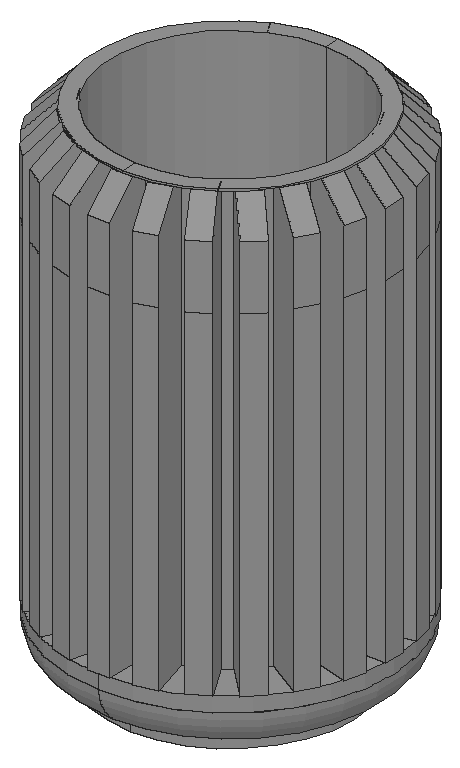
Revit family "Урна с бетонным основанием «Бульвар» Арт 9671", category Антураж, Revit 2018
Family settings
  На основе рабочей плоскости = Нет
  Всегда вертикально = Да
  При загрузке вырезать с полостями = Нет
  Источник визуального образа = Геометрия семейства
  Общий = Нет
  Точка расчета площади = Нет
Parameters (values of type "Урна с бетонным основанием «Бульвар». Объем 45 литров")
  Ширина = Диаметр  # 450 mm
  Цвет отделки = Дерево
  Цвет основания = Бетон
  Описание = "Урна с бетонным основанием «Бульвар». Объем 45 литров"  # constant formula
  Материал изделия = "Бетон, сталь, дерево"  # constant formula
  Изображение типоразмера = Урна с бетонным основанием «Бульвар» Арт 9671.jpg
  Изготовитель = "ООО «Хоббика»"  # constant formula
  Длина = Диаметр  # 450 mm
  Диаметр = 450 mm  # constant formula
  Группа модели = "Уличные урны"  # constant formula
  Высота = 695 mm  # constant formula
  Артикул товара = "Арт. 9671"  # constant formula
  URL = "https://hobbyka.ru/product/urna_s_betonnym_osnovaniem_bulvar/"
Reference planes
  plane 1 "По центру (Вперед/Назад)": y = 0
  plane 2: z = 0
  plane 3 "По центру (Влево/Вправо)": x = 0
  plane 4: y = 450
  plane 5: x = 450
  plane 6: x = 225
  plane 7: y = 225
  plane 8: z = 695
Forms (mm)
  Extrusion 1, solid, material "Дерево" <- "Цвет отделки"
    sketch origin (0, 0, 0) x (0, 1, 0) y (0, 0, 1)
      loop
        line (0, 95) -> (60, 95) -> (60, 693) -> (40, 693) -> (0, 653) -> (0, 565) -> (0, 95)
    from 210 to 240
  Revolve 2, solid, material "Бетон" <- "Цвет основания"
    sketch origin (225, 0, 0) x (0, 1, 0) y (0, 0, 1)
      loop
        line (225, 95) -> (0, 95) -> (0, 75)
        arc (0, 75) -> (16.109, 36.109) -> (55, 20) r 55
        line (55, 20) -> (55, 0) -> (225, 0) -> (225, 95)
      axis (225, 95) -> (225, 0)
    angle from 0 to 360
  Revolve 3, solid, material "Сталь"
    sketch origin (225, 0, 0) x (0, 1, 0) y (0, 0, 1)
      loop
        line (40, 693) -> (60, 693) -> (60, 95) -> (225, 95) -> (225, 97) -> (62, 97) -> (62, 695) -> (40, 695) -> (40, 693)
      axis (225, 695) -> (225, 95)
    angle from 0 to 360
  Extrusion 4, solid, material "Дерево" <- "Цвет отделки"
    sketch origin (65.901, -50.568, 0) x (-0.258819, 0.965926, 0) y (0, 0, 1)
      loop
        line (0, 95) -> (60, 95) -> (60, 693) -> (40, 693) -> (0, 653) -> (0, 565) -> (0, 95)
    from 210 to 240
  Extrusion 5, solid, material "Дерево" <- "Цвет отделки"
    sketch origin (142.644, -82.356, 0) x (-0.5, 0.866025, 0) y (0, 0, 1)
      loop
        line (0, 95) -> (60, 95) -> (60, 693) -> (40, 693) -> (0, 653) -> (0, 565) -> (0, 95)
    from 210 to 240
  Extrusion 6, solid, material "Дерево" <- "Цвет отделки"
    sketch origin (225, -93.198, 0) x (-0.707107, 0.707107, 0) y (0, 0, 1)
      loop
        line (0, 95) -> (60, 95) -> (60, 693) -> (40, 693) -> (0, 653) -> (0, 565) -> (0, 95)
    from 210 to 240
  Extrusion 7, solid, material "Дерево" <- "Цвет отделки"
    sketch origin (307.356, -82.356, 0) x (-0.866025, 0.5, 0) y (0, 0, 1)
      loop
        line (0, 95) -> (60, 95) -> (60, 693) -> (40, 693) -> (0, 653) -> (0, 565) -> (0, 95)
    from 210 to 240
  Extrusion 8, solid, material "Дерево" <- "Цвет отделки"
    sketch origin (384.099, -50.568, 0) x (-0.965926, 0.258819, 0) y (0, 0, 1)
      loop
        line (0, 95) -> (60, 95) -> (60, 693) -> (40, 693) -> (0, 653) -> (0, 565) -> (0, 95)
    from 210 to 240
  Extrusion 9, solid, material "Дерево" <- "Цвет отделки"
    sketch origin (450, 0, 0) x (-1, 0, 0) y (0, 0, 1)
      loop
        line (0, 95) -> (60, 95) -> (60, 693) -> (40, 693) -> (0, 653) -> (0, 565) -> (0, 95)
    from 210 to 240
  Extrusion 10, solid, material "Дерево" <- "Цвет отделки"
    sketch origin (384.099, -50.568, 0) x (0.258819, 0.965926, 0) y (0, 0, -1)
      loop
        line (0, -95) -> (0, -565) -> (0, -653) -> (40, -693) -> (60, -693) -> (60, -95) -> (0, -95)
    from 210 to 240
  Extrusion 11, solid, material "Дерево" <- "Цвет отделки"
    sketch origin (307.356, -82.356, 0) x (0.5, 0.866025, 0) y (0, 0, -1)
      loop
        line (0, -95) -> (0, -565) -> (0, -653) -> (40, -693) -> (60, -693) -> (60, -95) -> (0, -95)
    from 210 to 240
  Extrusion 12, solid, material "Дерево" <- "Цвет отделки"
    sketch origin (225, -93.198, 0) x (0.707107, 0.707107, 0) y (0, 0, -1)
      loop
        line (0, -95) -> (0, -565) -> (0, -653) -> (40, -693) -> (60, -693) -> (60, -95) -> (0, -95)
    from 210 to 240
  Extrusion 13, solid, material "Дерево" <- "Цвет отделки"
    sketch origin (142.644, -82.356, 0) x (0.866025, 0.5, 0) y (0, 0, -1)
      loop
        line (0, -95) -> (0, -565) -> (0, -653) -> (40, -693) -> (60, -693) -> (60, -95) -> (0, -95)
    from 210 to 240
  Extrusion 14, solid, material "Дерево" <- "Цвет отделки"
    sketch origin (65.901, -50.568, 0) x (0.965926, 0.258819, 0) y (0, 0, -1)
      loop
        line (0, -95) -> (0, -565) -> (0, -653) -> (40, -693) -> (60, -693) -> (60, -95) -> (0, -95)
    from 210 to 240
  Extrusion 15, solid, material "Дерево" <- "Цвет отделки"
    sketch origin (0, 0, 0) x (1, 0, 0) y (0, 0, -1)
      loop
        line (0, -95) -> (0, -565) -> (0, -653) -> (40, -693) -> (60, -693) -> (60, -95) -> (0, -95)
    from 210 to 240
  Extrusion 16, solid, material "Дерево" <- "Цвет отделки"
    sketch origin (0, 450, 0) x (0, -1, 0) y (0, 0, -1)
      loop
        line (0, -95) -> (0, -565) -> (0, -653) -> (40, -693) -> (60, -693) -> (60, -95) -> (0, -95)
    from 210 to 240
  Extrusion 17, solid, material "Дерево" <- "Цвет отделки"
    sketch origin (65.901, 500.568, 0) x (-0.258819, -0.965926, 0) y (0, 0, -1)
      loop
        line (0, -95) -> (0, -565) -> (0, -653) -> (40, -693) -> (60, -693) -> (60, -95) -> (0, -95)
    from 210 to 240
  Extrusion 18, solid, material "Дерево" <- "Цвет отделки"
    sketch origin (142.644, 532.356, 0) x (-0.5, -0.866025, 0) y (0, 0, -1)
      loop
        line (0, -95) -> (0, -565) -> (0, -653) -> (40, -693) -> (60, -693) -> (60, -95) -> (0, -95)
    from 210 to 240
  Extrusion 19, solid, material "Дерево" <- "Цвет отделки"
    sketch origin (225, 543.198, 0) x (-0.707107, -0.707107, 0) y (0, 0, -1)
      loop
        line (0, -95) -> (0, -565) -> (0, -653) -> (40, -693) -> (60, -693) -> (60, -95) -> (0, -95)
    from 210 to 240
  Extrusion 20, solid, material "Дерево" <- "Цвет отделки"
    sketch origin (307.356, 532.356, 0) x (-0.866025, -0.5, 0) y (0, 0, -1)
      loop
        line (0, -95) -> (0, -565) -> (0, -653) -> (40, -693) -> (60, -693) -> (60, -95) -> (0, -95)
    from 210 to 240
  Extrusion 21, solid, material "Дерево" <- "Цвет отделки"
    sketch origin (384.099, 500.568, 0) x (-0.965926, -0.258819, 0) y (0, 0, -1)
      loop
        line (0, -95) -> (0, -565) -> (0, -653) -> (40, -693) -> (60, -693) -> (60, -95) -> (0, -95)
    from 210 to 240
  Extrusion 22, solid, material "Дерево" <- "Цвет отделки"
    sketch origin (384.099, 500.568, 0) x (0.258819, -0.965926, 0) y (0, 0, 1)
      loop
        line (0, 95) -> (60, 95) -> (60, 693) -> (40, 693) -> (0, 653) -> (0, 565) -> (0, 95)
    from 210 to 240
  Extrusion 23, solid, material "Дерево" <- "Цвет отделки"
    sketch origin (307.356, 532.356, 0) x (0.5, -0.866025, 0) y (0, 0, 1)
      loop
        line (0, 95) -> (60, 95) -> (60, 693) -> (40, 693) -> (0, 653) -> (0, 565) -> (0, 95)
    from 210 to 240
  Extrusion 24, solid, material "Дерево" <- "Цвет отделки"
    sketch origin (225, 543.198, 0) x (0.707107, -0.707107, 0) y (0, 0, 1)
      loop
        line (0, 95) -> (60, 95) -> (60, 693) -> (40, 693) -> (0, 653) -> (0, 565) -> (0, 95)
    from 210 to 240
  Extrusion 25, solid, material "Дерево" <- "Цвет отделки"
    sketch origin (142.644, 532.356, 0) x (0.866025, -0.5, 0) y (0, 0, 1)
      loop
        line (0, 95) -> (60, 95) -> (60, 693) -> (40, 693) -> (0, 653) -> (0, 565) -> (0, 95)
    from 210 to 240
  Extrusion 26, solid, material "Дерево" <- "Цвет отделки"
    sketch origin (65.901, 500.568, 0) x (0.965926, -0.258819, 0) y (0, 0, 1)
      loop
        line (0, 95) -> (60, 95) -> (60, 693) -> (40, 693) -> (0, 653) -> (0, 565) -> (0, 95)
    from 210 to 240
Dimensions and locks
  "Ширина": plane 4 to plane 1 "По центру (Вперед/Назад)"
  "Длина": plane 3 "По центру (Влево/Вправо)" to plane 5
  equal spacing: plane 4, plane 7, plane 1 "По центру (Вперед/Назад)"
  equal spacing: plane 3 "По центру (Влево/Вправо)", plane 6, plane 5
  "Высота": plane 8 to plane 2
  aligned and locked: level to plane 2
Automatic sketch dimensions
  Extrusion 1 sketch curve to plane 1 "По центру (Вперед/Назад)" = 0 mm
  Extrusion 1 sketch curve to plane 8 = 2 mm
  Extrusion 1 sketch curve to plane 1 "По центру (Вперед/Назад)" = 40 mm
  Extrusion 1 sketch curve to plane 1 "По центру (Вперед/Назад)" = 60 mm
  Extrusion 1 sketch curve to plane 8 = 42 mm
  Extrusion 1 sketch curve to Extrusion 1 sketch curve = 88 mm
  level to Extrusion 1 sketch curve = 95 mm
  Revolve 2 sketch curve to plane 1 "По центру (Вперед/Назад)" = 0 mm
  Revolve 2 sketch curve to level = 0 mm  (x2)
  Revolve 2 sketch curve to plane 7 = 0 mm  (x2)
  Revolve 2 sketch curve to plane 8 = 0 mm
  level to Revolve 2 sketch curve = 20 mm
  Revolve 2 sketch curve to plane 1 "По центру (Вперед/Назад)" = 55 mm
  Revolve 2 sketch curve to Revolve 2 sketch curve = 20 mm
  Revolve 3 sketch curve to plane 8 = 0 mm  (x2)
  Revolve 3 sketch curve to plane 7 = 0 mm  (x2)
  Revolve 3 sketch curve to plane 1 "По центру (Вперед/Назад)" = 62 mm
  Revolve 3 sketch curve to Revolve 3 sketch curve = 2 mm  (x2)
  Revolve 3 sketch curve to Revolve 3 sketch curve = 20 mm
  Revolve 3 sketch curve to plane 8 = 2 mm
  level to Revolve 3 sketch curve = 97 mm
  Revolve 3 sketch curve to Revolve 3 sketch curve = 0 mm
  level to Extrusion 4 sketch curve = 95 mm
  Extrusion 4 sketch curve to plane 8 = 2 mm
  Extrusion 4 sketch curve to Extrusion 4 sketch curve = 40 mm
  Extrusion 4 sketch curve to Extrusion 4 sketch curve = 60 mm
  Extrusion 4 sketch curve to plane 8 = 130 mm
  Extrusion 4 sketch curve to plane 8 = 42 mm
  level to Extrusion 5 sketch curve = 95 mm
  Extrusion 5 sketch curve to plane 8 = 2 mm
  Extrusion 5 sketch curve to Extrusion 5 sketch curve = 40 mm
  Extrusion 5 sketch curve to Extrusion 5 sketch curve = 60 mm
  Extrusion 5 sketch curve to plane 8 = 130 mm
  Extrusion 5 sketch curve to plane 8 = 42 mm
  level to Extrusion 6 sketch curve = 95 mm
  Extrusion 6 sketch curve to plane 8 = 2 mm
  Extrusion 6 sketch curve to Extrusion 6 sketch curve = 40 mm
  Extrusion 6 sketch curve to Extrusion 6 sketch curve = 60 mm
  Extrusion 6 sketch curve to plane 8 = 130 mm
  Extrusion 6 sketch curve to plane 8 = 42 mm
  level to Extrusion 7 sketch curve = 95 mm
  Extrusion 7 sketch curve to plane 8 = 2 mm
  Extrusion 7 sketch curve to Extrusion 7 sketch curve = 40 mm
  Extrusion 7 sketch curve to Extrusion 7 sketch curve = 60 mm
  Extrusion 7 sketch curve to plane 8 = 130 mm
  Extrusion 7 sketch curve to plane 8 = 42 mm
  level to Extrusion 8 sketch curve = 95 mm
  Extrusion 8 sketch curve to plane 8 = 2 mm
  Extrusion 8 sketch curve to Extrusion 8 sketch curve = 40 mm
  Extrusion 8 sketch curve to Extrusion 8 sketch curve = 60 mm
  Extrusion 8 sketch curve to plane 8 = 130 mm
  Extrusion 8 sketch curve to plane 8 = 42 mm
  Extrusion 9 sketch curve to plane 5 = 0 mm
  Extrusion 9 sketch curve to plane 8 = 2 mm
  Extrusion 9 sketch curve to plane 5 = 40 mm
  Extrusion 9 sketch curve to Extrusion 9 sketch curve = 60 mm
  Extrusion 9 sketch curve to plane 8 = 42 mm
  Extrusion 9 sketch curve to Extrusion 9 sketch curve = 88 mm
  level to Extrusion 9 sketch curve = 95 mm
  level to Extrusion 10 sketch curve = 95 mm
  Extrusion 10 sketch curve to plane 8 = 2 mm
  Extrusion 10 sketch curve to Extrusion 10 sketch curve = 40 mm
  Extrusion 10 sketch curve to Extrusion 10 sketch curve = 60 mm
  Extrusion 10 sketch curve to plane 8 = 42 mm
  Extrusion 10 sketch curve to Extrusion 10 sketch curve = 88 mm
  level to Extrusion 11 sketch curve = 95 mm
  Extrusion 11 sketch curve to plane 8 = 2 mm
  Extrusion 11 sketch curve to Extrusion 11 sketch curve = 40 mm
  Extrusion 11 sketch curve to Extrusion 11 sketch curve = 60 mm
  Extrusion 11 sketch curve to plane 8 = 42 mm
  Extrusion 11 sketch curve to Extrusion 11 sketch curve = 88 mm
  level to Extrusion 12 sketch curve = 95 mm
  Extrusion 12 sketch curve to plane 8 = 2 mm
  Extrusion 12 sketch curve to Extrusion 12 sketch curve = 40 mm
  Extrusion 12 sketch curve to Extrusion 12 sketch curve = 60 mm
  Extrusion 12 sketch curve to plane 8 = 42 mm
  Extrusion 12 sketch curve to Extrusion 12 sketch curve = 88 mm
  level to Extrusion 13 sketch curve = 95 mm
  Extrusion 13 sketch curve to plane 8 = 2 mm
  Extrusion 13 sketch curve to Extrusion 13 sketch curve = 40 mm
  Extrusion 13 sketch curve to Extrusion 13 sketch curve = 60 mm
  Extrusion 13 sketch curve to plane 8 = 42 mm
  Extrusion 13 sketch curve to Extrusion 13 sketch curve = 88 mm
  level to Extrusion 14 sketch curve = 95 mm
  Extrusion 14 sketch curve to plane 8 = 2 mm
  Extrusion 14 sketch curve to Extrusion 14 sketch curve = 40 mm
  Extrusion 14 sketch curve to Extrusion 14 sketch curve = 60 mm
  Extrusion 14 sketch curve to plane 8 = 42 mm
  Extrusion 14 sketch curve to Extrusion 14 sketch curve = 88 mm
  Extrusion 15 sketch curve to plane 3 "По центру (Влево/Вправо)" = 0 mm
  Extrusion 15 sketch curve to plane 8 = 2 mm
  plane 3 "По центру (Влево/Вправо)" to Extrusion 15 sketch curve = 40 mm
  Extrusion 15 sketch curve to Extrusion 15 sketch curve = 60 mm
  Extrusion 15 sketch curve to plane 8 = 42 mm
  Extrusion 15 sketch curve to Extrusion 15 sketch curve = 88 mm
  level to Extrusion 15 sketch curve = 95 mm
  Extrusion 16 sketch curve to plane 4 = 0 mm
  plane 8 to Extrusion 16 sketch curve = 2 mm
  plane 4 to Extrusion 16 sketch curve = 40 mm
  Extrusion 16 sketch curve to Extrusion 16 sketch curve = 60 mm
  plane 8 to Extrusion 16 sketch curve = 42 mm
  Extrusion 16 sketch curve to Extrusion 16 sketch curve = 88 mm
  Extrusion 16 sketch curve to level = 95 mm
  level to Extrusion 17 sketch curve = 95 mm
  Extrusion 17 sketch curve to plane 8 = 2 mm
  Extrusion 17 sketch curve to Extrusion 17 sketch curve = 40 mm
  Extrusion 17 sketch curve to Extrusion 17 sketch curve = 60 mm
  Extrusion 17 sketch curve to plane 8 = 42 mm
  Extrusion 17 sketch curve to Extrusion 17 sketch curve = 88 mm
  level to Extrusion 18 sketch curve = 95 mm
  Extrusion 18 sketch curve to plane 8 = 2 mm
  Extrusion 18 sketch curve to Extrusion 18 sketch curve = 40 mm
  Extrusion 18 sketch curve to Extrusion 18 sketch curve = 60 mm
  Extrusion 18 sketch curve to plane 8 = 42 mm
  Extrusion 18 sketch curve to Extrusion 18 sketch curve = 88 mm
  level to Extrusion 19 sketch curve = 95 mm
  Extrusion 19 sketch curve to plane 8 = 2 mm
  Extrusion 19 sketch curve to Extrusion 19 sketch curve = 40 mm
  Extrusion 19 sketch curve to Extrusion 19 sketch curve = 60 mm
  Extrusion 19 sketch curve to plane 8 = 42 mm
  Extrusion 19 sketch curve to Extrusion 19 sketch curve = 88 mm
  level to Extrusion 20 sketch curve = 95 mm
  Extrusion 20 sketch curve to plane 8 = 2 mm
  Extrusion 20 sketch curve to Extrusion 20 sketch curve = 40 mm
  Extrusion 20 sketch curve to Extrusion 20 sketch curve = 60 mm
  Extrusion 20 sketch curve to plane 8 = 42 mm
  Extrusion 20 sketch curve to Extrusion 20 sketch curve = 88 mm
  level to Extrusion 21 sketch curve = 95 mm
  Extrusion 21 sketch curve to plane 8 = 2 mm
  Extrusion 21 sketch curve to Extrusion 21 sketch curve = 40 mm
  Extrusion 21 sketch curve to Extrusion 21 sketch curve = 60 mm
  Extrusion 21 sketch curve to plane 8 = 42 mm
  Extrusion 21 sketch curve to Extrusion 21 sketch curve = 88 mm
  level to Extrusion 22 sketch curve = 95 mm
  Extrusion 22 sketch curve to plane 8 = 2 mm
  Extrusion 22 sketch curve to Extrusion 22 sketch curve = 40 mm
  Extrusion 22 sketch curve to Extrusion 22 sketch curve = 60 mm
  Extrusion 22 sketch curve to plane 8 = 130 mm
  Extrusion 22 sketch curve to plane 8 = 42 mm
  level to Extrusion 23 sketch curve = 95 mm
  Extrusion 23 sketch curve to plane 8 = 2 mm
  Extrusion 23 sketch curve to Extrusion 23 sketch curve = 40 mm
  Extrusion 23 sketch curve to Extrusion 23 sketch curve = 60 mm
  Extrusion 23 sketch curve to plane 8 = 130 mm
  Extrusion 23 sketch curve to plane 8 = 42 mm
  level to Extrusion 24 sketch curve = 95 mm
  Extrusion 24 sketch curve to plane 8 = 2 mm
  Extrusion 24 sketch curve to Extrusion 24 sketch curve = 40 mm
  Extrusion 24 sketch curve to Extrusion 24 sketch curve = 60 mm
  Extrusion 24 sketch curve to plane 8 = 130 mm
  Extrusion 24 sketch curve to plane 8 = 42 mm
  level to Extrusion 25 sketch curve = 95 mm
  Extrusion 25 sketch curve to plane 8 = 2 mm
  Extrusion 25 sketch curve to Extrusion 25 sketch curve = 40 mm
  Extrusion 25 sketch curve to Extrusion 25 sketch curve = 60 mm
  Extrusion 25 sketch curve to plane 8 = 130 mm
  Extrusion 25 sketch curve to plane 8 = 42 mm
  level to Extrusion 26 sketch curve = 95 mm
  Extrusion 26 sketch curve to plane 8 = 2 mm
  Extrusion 26 sketch curve to Extrusion 26 sketch curve = 40 mm
  Extrusion 26 sketch curve to Extrusion 26 sketch curve = 60 mm
  Extrusion 26 sketch curve to plane 8 = 130 mm
  Extrusion 26 sketch curve to plane 8 = 42 mm
